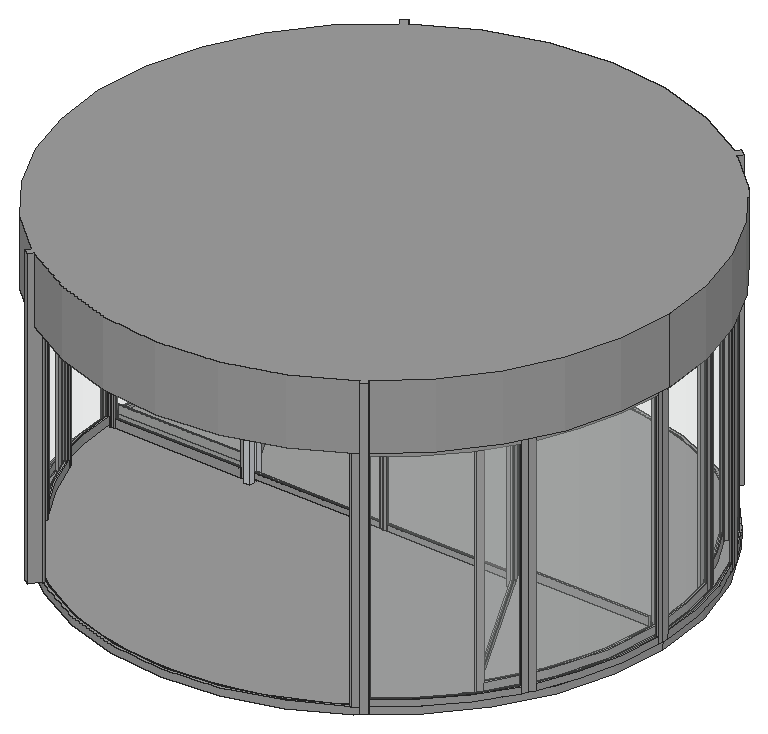
Revit family "Agta_Record_RlvngDrsetSym_K21", category Doors, Revit 2012
Parameters (values of type "Default")
  WithinStandardSizes = and(InsideDiameter > 3399.90 mm, InsideDiameter < 6500.10 mm, PassageHeight > 1999.90 mm, PassageHeight < 3000.10 mm, and(HeightOfFloorFrame > 64.90 mm, HeightOfFloorFrame < 500.10 mm), CanopyHeight < 1000.10 mm, if(InsideDiameter < 4800.10 mm, CanopyHeight > 349.90 mm, CanopyHeight > 569.90 mm))  # yes
  Width = OutsideDiameter + 25.00 mm  # 4877.00 mm
  Weight = "Depends on configuration and size"
  WarrantyStartDate = "Depends on country"
  WarrantyGuarantorParts = "Local door manufacturer"
  WarrantyGuarantorLabour = "Local door manufacturer"
  WarrantyDurationUnit = "Depends on country"
  WarrantyDurationParts = "Depends on country"
  WarrantyDurationLabour = "Depends on country"
  WarrantyDescription = "Depends on country"
  Version = "Version 1.0"
  Uniclass2 = "Ss_25_30_20_70"
  URL = "www.agta-record.com"
  TotalHeight = PassageHeight + CanopyHeight  # 2570.00 mm
  TotalDiameter = InsideDiameter + 158.00 mm  # 4958.00 mm
  ThresholdStripping = "No additional required, part of the doorset"
  ThresholdRequired = yes
  ThermalTransmittance = 0
  TagNumber = "n/a"
  SustainabilityPerformance = "n/a"
  SpotLightRadius = OuterRadius - 505.00 mm  # 1921.00 mm
  SmokeStop = no
  Size = "n/a"
  ShowcaseVisibility = yes
  ShowcaseRadius = InnerRadius - 76.00 mm  # 2324.00 mm
  Shape = "Cylinder shaped"
  ServiceLifeType = "n/a"
  ServiceLifeDuration = "10-15 years"
  SerialNumber = "n/a"
  SelfClosing = yes
  SafetyDevices = "Fully compliant with EN16005, Safety buffers, Presence sensors, etc."
  Rough Width = TotalDiameter + 6.00 mm  # 4964.00 mm
  Rough Height = PassageHeight + CanopyHeight + 6.00 mm  # 2576.00 mm
  RevolvingRadius = InnerRadius - 56.00 mm  # 2344.00 mm
  Revision = "n/a"
  ReplacementCost = "Depends on the configuration and door type"
  ReferenceStandard = "EN16005, EN16361, DIN 18650, etc."
  Reference = "n/a"
  RecessWidth = InsideDiameter + 258.00 mm  # 5058.00 mm
  RecessHeight = TotalHeight + 50.00 mm  # 2620.00 mm
  ProductionYear = "n/a"
  ProductInformation = "www.agta-record.com"
  Process = "n/a"
  PassageWidthOptions = "n/a"
  PassageWidthInsideDoor = (InsideDiameter - 320.00 mm) / 2  # 2240.00 mm
  PassageWidth = (0.57 * InsideDiameter) - 44.00 mm  # 2692.00 mm
  PassageHeight = 2000.00 mm
  PanelFrames = Revolving Door, Aluminium
  OutsideDiameter = InsideDiameter + 52.00 mm  # 4852.00 mm
  OuterRadius = InnerRadius + 26.00 mm  # 2426.00 mm
  Operation = "n/a"
  OperatingTemperature = "-15° to +50°C"
  OpeningRotationAngle = 90.00°
  OpenSlidingDoor(Center) = no
  NominalWidth = TotalDiameter  # 4958.00 mm
  NominalLength = TotalDiameter  # 4958.00 mm
  NominalHeight = TotalHeight  # 2570.00 mm
  Name = "n/a"
  NBSTypeID = "n/a"
  NBSReference = "25-50-20/170"
  NBSOfficeMasterTag = "n/a"
  NBSNote = "n/a"
  NBSDescription = "2-wing Revolving Door"
  NBSCertification = "n/a"
  ModelReference = "Depends on the configuration"
  ModelNumber = "n/a"
  ModelLabel = "n/a"
  Model = "K21"
  MethodOfMeasurement = "n/a"
  Material = "Aluminium"
  ManufacturerURL = "www.agta-record.com"
  ManufacturerName = "Record"
  Manufacturer = "Record"
  LeafPanelFill = Revolving Door, Laminated Safety Glass (Clear)
  LeafColourOptions = "All RAL, customer specific"
  IssueDate = ""
  IsExternal = yes
  InstallationDate = "n/a"
  InsideDiameter = 2 * InnerRadius  # 4800.00 mm
  InnerRadius = 2400.00 mm
  Infiltration = "n/a"
  IfcExportType = "Door"
  IfcExportAs = "IfcDoorStyle"
  HeightUnderCanopyOptions = "Passage height: 2000 - 3000 mm"
  HeightOfFloorFrame = 65.00 mm
  Height = PassageHeight + CanopyHeight + 25.00 mm  # 2595.00 mm
  HasDrive = yes
  HandicapAccessible = no
  Grade = "n/a"
  GlassType = "Part of glazing spec"
  GlassThickness2 = 0.00 mm
  GlassThickness1 = 0.00 mm
  GlassLayers = 1
  Function = Exterior
  FrameSeal = yes
  FrameProfile = "Aluminium"
  FrameMaterial = "Aluminium"
  FrameFinishOptions = "n/a"
  Flooring = Revolving Door, Felt Carpet
  FloorFrame(Ring) = yes
  FireExit = no
  Finish = "Powder coated, Anodized, customer specific"
  Features = "n/a"
  ExternalDimensionOfFloorFrame = InsideDiameter + 256.00 mm  # 5056.00 mm
  ExpectedLife = "n/a"
  ElectronicLock = yes
  DurationUnit = "n/a"
  DrumWallPanelFill = Revolving Door, Laminated Safety Glass (Clear)
  DoorsetOptions = "Ridig, Sliding door, Display case"
  DoorsetOperation = "Automatic"
  DoorsetFasteners = "Screws"
  DoorWingOptions = "2 wings"
  DoorSeal = "1"
  DoorOpening = 0.00 mm
  DoorNumber = "n/a"
  Documentation = "n/a"
  DocumentReference = "n/a"
  DiameterOptions = "Internal: 3400 - 6500 mm"
  Description = "2-wing Revolving Door"
  DepthOfRecessFloorFrame = HeightOfFloorFrame + 15.00 mm  # 80.00 mm
  Cost = 0
  Construction Type = "Automatic Revolving Door"
  Constituents = "n/a"
  Configuration = "2, 3 or 4 leafs"
  Colour = "Customer specific"
  CodePerformance = "n/a"
  Category = "n/a"
  Capacity = "<>"
  CanopyRadius = InnerRadius + 79.00 mm  # 2479.00 mm
  CanopyHeightOptions = "350 mm +"
  CanopyHeight = 570.00 mm
  CanopyCovering = Revolving Door, Sheet metal (Painted Steel)
  BottomConstruction = Revolving Door, Stainless Steel
  BarCode = "n/a"
  BIMObjectName = "K21.rfa"
  Author = "agtatec"
  AssetType = "n/a"
  AssetIdentifier = "n/a"
  Assembly Code = "B2030300"
  AntiFingerTrapRequirement = yes
  AlternativeDoorsetGlazing = "Part of glazing spec"
  AccessoryOptions = "Contact manufacturer"
  AccessibilityPerformance = "n/a"
Reference planes
  plane 1 "Center (Front/Back)": y = 0
  plane 2: z = 0
  plane 3 "Center (Left/Right)": x = 0
  plane 4 "Top Plane": z = 2000
  plane 5: z = 2570
  plane 6: z = 56
  plane 7: z = 1947
  plane 8: z = -65
  plane 9: z = 2039
  plane 10: z = 1996.2
Forms (mm)
  Extrusion 1, solid, material "Revolving Door, Aluminium" <- "PanelFrames"
    sketch origin (0, 0, 0) x (-1, 0, 0) y (0, -1, 0)
      loop
        line (2400, 0) -> (2400, -53) -> (2405.2, -53) -> (2405.2, -38) -> (2415.2, -38) -> (2415.2, -53) -> (2425.826, -53) -> (2425.826, 0) -> (2400, 0)
    from 0 to 2000
  Extrusion 2, solid, material "Revolving Door, Aluminium" <- "PanelFrames"
    sketch origin (0, 0, 0) x (-1, 0, 0) y (0, -1, 0)
      loop
        line (2400, 0) -> (2426, 0) -> (2426, 53) -> (2415.2, 53) -> (2415.2, 38) -> (2405.2, 38) -> (2405.2, 53) -> (2400, 53) -> (2400, 0)
    from 0 to 2000
  Extrusion 3, solid, material "Revolving Door, Aluminium" <- "PanelFrames"
    sketch origin (0, 0, 0) x (-0.887011, 0.461749, 0) y (-0.461749, -0.887011, 0)
      loop
        line (2400, 0) -> (2400, -53) -> (2405.2, -53) -> (2405.2, -38) -> (2415.2, -38) -> (2415.2, -53) -> (2426, -53) -> (2426, 0) -> (2400, 0)
    from 0 to 2000
  Extrusion 4, solid, material "Revolving Door, Aluminium" <- "PanelFrames"
    sketch origin (0, 0, 0) x (-0.887011, 0.461749, 0) y (-0.461749, -0.887011, 0)
      loop
        line (2400, 0) -> (2426, 0) -> (2426, 53) -> (2415.2, 53) -> (2415.2, 38) -> (2405.2, 38) -> (2405.2, 53) -> (2400, 53) -> (2400, 0)
    from 0 to 2000
  Extrusion 5, solid, material "Revolving Door, Aluminium" <- "PanelFrames"
    sketch origin (0, 0, 0) x (-0.573576, 0.819152, 0) y (-0.819152, -0.573576, 0)
      loop
        line (2400, 0) -> (2426, 0) -> (2426, 53) -> (2415.2, 53) -> (2415.2, 38) -> (2405.2, 38) -> (2405.2, 53) -> (2400, 53) -> (2400, 0)
    from 0 to 2000
  Extrusion 6, solid, material "Revolving Door, Aluminium" <- "PanelFrames"
    sketch origin (0, 0, 0) x (-0.573576, -0.819152, 0) y (0.819152, -0.573576, 0)
      loop
        arc (2426, -1.2) -> (2413, 11.8) -> (2400, -1.2) r 13
        line (2400, -1.2) -> (2400, -53) -> (2405.2, -53) -> (2405.2, -38) -> (2415.2, -38) -> (2415.2, -53) -> (2426, -53) -> (2426, -1.2)
    from 0 to 2000
  Extrusion 7, solid, material "Revolving Door, Aluminium" <- "PanelFrames"
    sketch origin (0, 0, 0) x (-0.887011, -0.461749, 0) y (0.461749, -0.887011, 0)
      loop
        line (2400, 0) -> (2400, -53) -> (2405.2, -53) -> (2405.2, -38) -> (2415.2, -38) -> (2415.2, -53) -> (2426, -53) -> (2426, 0) -> (2400, 0)
    from 0 to 2000
  Extrusion 8, solid, material "Revolving Door, Aluminium" <- "PanelFrames"
    sketch origin (0, 0, 0) x (-0.887011, -0.461749, 0) y (0.461749, -0.887011, 0)
      loop
        line (2400, 0.01) -> (2426, 0.01) -> (2426, 53) -> (2415.2, 53) -> (2415.2, 38) -> (2405.2, 38) -> (2405.2, 53) -> (2400, 53) -> (2400, 0.01)
    from 0 to 2000
  Sweep 9, solid, material "Revolving Door, Laminated Safety Glass (Clear)" <- "DrumWallPanelFill"
    path origin (0, 0, 0) x (1, 0, 0) y (0, 0, 1)
      loop
        line (0, 41) -> (0, 1962)
    profile origin (0, 0, 1001.5) x (-1, 0, 0) y (0, -1, 0)
      loop
        arc (2405.2, -53) -> (2336.839, -571.821) -> (2157.911, -1063.586) r 2405.784
        line (2157.911, -1063.586) -> (2150.985, -1076.891) -> (2159.855, -1081.509) -> (2166.781, -1068.204)
        arc (2166.781, -1068.204) -> (2346.55, -574.197) -> (2415.2, -53) r 2415.781
        line (2415.2, -53) -> (2415.2, -38) -> (2405.2, -38) -> (2405.2, -53)
  Sweep 10, solid, material "Revolving Door, Laminated Safety Glass (Clear)" <- "DrumWallPanelFill"
    path origin (0, 0, 0) x (1, 0, 0) y (0, 0, 1)
      loop
        line (0, 41) -> (0, 1962)
    profile origin (0, 0, 1001.5) x (-1, 0, 0) y (0, -1, 0)
      loop
        arc (2108.966, -1157.609) -> (1808.764, -1586.244) -> (1422.981, -1939.825) r 2405.784
        line (1422.981, -1939.825) -> (1410.694, -1948.429) -> (1416.43, -1956.62) -> (1428.717, -1948.016)
        arc (1428.717, -1948.016) -> (1816.281, -1592.835) -> (2117.836, -1162.227) r 2415.781
        line (2117.836, -1162.227) -> (2124.762, -1148.922) -> (2115.892, -1144.304) -> (2108.966, -1157.609)
  Sweep 11, solid, material "Revolving Door, Laminated Safety Glass (Clear)" <- "DrumWallPanelFill"
    path origin (0, 0, 0) x (1, 0, 0) y (0, 0, 1)
      loop
        line (0, 41) -> (0, 1962)
    profile origin (0, 0, 1001.5) x (-1, 0, 0) y (0, -1, 0)
      loop
        line (2108.966, 1157.609) -> (2115.892, 1144.304) -> (2124.762, 1148.922) -> (2117.836, 1162.227)
        arc (2117.836, 1162.227) -> (1816.281, 1592.835) -> (1428.717, 1948.016) r 2415.781
        line (1428.717, 1948.016) -> (1416.43, 1956.62) -> (1410.694, 1948.429) -> (1422.981, 1939.825)
        arc (1422.981, 1939.825) -> (1808.764, 1586.244) -> (2108.966, 1157.609) r 2405.784
  Extrusion 12, solid, material "Revolving Door, Aluminium" <- "PanelFrames"
    sketch origin (0, 0, 0) x (1, 0, 0) y (0, 1, 0)
      loop
        line (2400, 0) -> (2426, 0) -> (2426, 53) -> (2415.2, 53) -> (2415.2, 37) -> (2405.2, 37) -> (2405.2, 53) -> (2400, 53) -> (2400, 0)
    from 0 to 2000
  Extrusion 13, solid, material "Revolving Door, Aluminium" <- "PanelFrames"
    sketch origin (0, 0, 0) x (1, 0, 0) y (0, 1, 0)
      loop
        line (2400, 0) -> (2400, -53) -> (2405.2, -53) -> (2405.2, -37) -> (2415.2, -37) -> (2415.2, -53) -> (2426, -53) -> (2426, 0) -> (2400, 0)
    from 0 to 2000
  Extrusion 14, solid, material "Revolving Door, Aluminium" <- "PanelFrames"
    sketch origin (0, 0, 0) x (0.887011, 0.461749, 0) y (-0.461749, 0.887011, 0)
      loop
        line (2400, 0) -> (2426, 0) -> (2426, 53) -> (2415.2, 53) -> (2415.2, 37) -> (2405.2, 37) -> (2405.2, 53) -> (2400, 53) -> (2400, 0)
    from 0 to 2000
  Extrusion 15, solid, material "Revolving Door, Aluminium" <- "PanelFrames"
    sketch origin (0, 0, 0) x (0.887011, 0.461749, 0) y (-0.461749, 0.887011, 0)
      loop
        line (2400, 0) -> (2400, -53) -> (2405.2, -53) -> (2405.2, -37) -> (2415.2, -37) -> (2415.2, -53) -> (2426, -53) -> (2426, 0) -> (2400, 0)
    from 0 to 2000
  Extrusion 16, solid, material "Revolving Door, Aluminium" <- "PanelFrames"
    sketch origin (0, 0, 0) x (0.573576, 0.819152, 0) y (-0.819152, 0.573576, 0)
      loop
        arc (2426, -1.2) -> (2413, 11.8) -> (2400, -1.2) r 13
        line (2400, -1.2) -> (2400, -53) -> (2405.2, -53) -> (2405.2, -37) -> (2415.2, -37) -> (2415.2, -53) -> (2426, -53) -> (2426, -1.2)
    from 0 to 2000
  Extrusion 17, solid, material "Revolving Door, Aluminium" <- "PanelFrames"
    sketch origin (0, 0, 0) x (0.887011, -0.461749, 0) y (0.461749, 0.887011, 0)
      loop
        line (2400, 0) -> (2426, 0) -> (2426, 53) -> (2415.2, 53) -> (2415.2, 37) -> (2405.2, 37) -> (2405.2, 53) -> (2400, 53) -> (2400, 0)
    from 0 to 2000
  Extrusion 18, solid, material "Revolving Door, Aluminium" <- "PanelFrames"
    sketch origin (0, 0, 0) x (0.887011, -0.461749, 0) y (0.461749, 0.887011, 0)
      loop
        line (2400, 0) -> (2400, -53) -> (2405.2, -53) -> (2405.2, -37) -> (2415.2, -37) -> (2415.2, -53) -> (2426, -53) -> (2426, 0) -> (2400, 0)
    from 0 to 2000
  Extrusion 19, solid, material "Revolving Door, Aluminium" <- "PanelFrames"
    sketch origin (0, 0, 0) x (0.573576, -0.819152, 0) y (0.819152, 0.573576, 0)
      loop
        line (2400, 0) -> (2426, 0) -> (2426, 53) -> (2415.2, 53) -> (2415.2, 37) -> (2405.2, 37) -> (2405.2, 53) -> (2400, 53) -> (2400, 0)
    from 0 to 2000
  Sweep 20, solid, material "Revolving Door, Laminated Safety Glass (Clear)" <- "DrumWallPanelFill"
    path origin (0, 0, 0) x (1, 0, 0) y (0, 0, 1)
      loop
        line (0, 41) -> (0, 1962)
    profile origin (0, 0, 1001.5) x (-1, 0, 0) y (0, -1, 0)
      loop
        line (-1415.61, -1957.194) -> (-1409.875, -1949.002) -> (-1422.981, -1939.825)
        arc (-1422.981, -1939.825) -> (-1808.764, -1586.244) -> (-2108.966, -1157.609) r 2405.784
        line (-2108.966, -1157.609) -> (-2116.354, -1143.417) -> (-2125.224, -1148.035) -> (-2117.97, -1161.968)
        arc (-2117.97, -1161.968) -> (-1816.276, -1592.831) -> (-1428.478, -1948.184) r 2415.775
        line (-1428.478, -1948.184) -> (-1415.61, -1957.194)
  Sweep 21, solid, material "Revolving Door, Laminated Safety Glass (Clear)" <- "DrumWallPanelFill"
    path origin (0, 0, 0) x (1, 0, 0) y (0, 0, 1)
      loop
        line (0, 41) -> (0, 1962)
    profile origin (0, 0, 1001.5) x (-1, 0, 0) y (0, -1, 0)
      loop
        line (-1422.981, 1939.825) -> (-1409.875, 1949.002) -> (-1415.61, 1957.194) -> (-1428.717, 1948.016)
        arc (-1428.717, 1948.016) -> (-1816.281, 1592.835) -> (-2117.836, 1162.227) r 2415.781
        line (-2117.836, 1162.227) -> (-2125.224, 1148.035) -> (-2116.354, 1143.417) -> (-2108.966, 1157.609)
        arc (-2108.966, 1157.609) -> (-1808.764, 1586.244) -> (-1422.981, 1939.825) r 2405.784
  Extrusion 22, solid, material "Revolving Door, Aluminium" <- "PanelFrames"
    sketch origin (0, 0, 0) x (0.573576, -0.819152, 0) y (0.819152, 0.573576, 0)
      loop
        line (2400, 0) -> (2400, -10.2) -> (2399, -10.2) -> (2399, -66.2)
        arc (2399, -66.2) -> (2413, -80.2) -> (2427, -66.2) r 14
        line (2427, -66.2) -> (2427, -10.2) -> (2426, -10.2) -> (2426, 0) -> (2400, 0)
    from 0 to 2000
  Extrusion 23, solid, material "Revolving Door, Aluminium" <- "PanelFrames"
    sketch origin (0, 0, 0) x (-0.573576, 0.819152, 0) y (-0.819152, -0.573576, 0)
      loop
        line (2426, 0) -> (2400, 0) -> (2400, -10.2) -> (2399, -10.2) -> (2399, -56)
        arc (2399, -56) -> (2413, -70) -> (2427, -56) r 14
        line (2427, -56) -> (2427, -10.2) -> (2426, -10.2) -> (2426, 0)
    from 0 to 2000
  Extrusion 24, solid, material "Revolving Door, Sheet metal (Painted Steel)" <- "CanopyCovering"
    sketch origin (0, 0, 0) x (0.573576, -0.819152, 0) y (0.819152, 0.573576, 0)
      loop
        line (2426, 53) -> (2426, -7) -> (2526, -7) -> (2526, 53) -> (2426, 53)
    from 0 to 2570
  Extrusion 25, solid, material "Revolving Door, Sheet metal (Painted Steel)" <- "CanopyCovering"
    sketch origin (0, 0, 0) x (-0.573576, -0.819152, 0) y (0.819152, -0.573576, 0)
      loop
        line (2426, -53) -> (2526, -53) -> (2526, 7) -> (2426, 7) -> (2426, -53)
    from 0 to 2570
  Extrusion 26, solid, material "Revolving Door, Sheet metal (Painted Steel)" <- "CanopyCovering"
    sketch origin (0, 0, 0) x (-0.573576, 0.819152, 0) y (-0.819152, -0.573576, 0)
      loop
        line (2426, 53) -> (2426, -7) -> (2526, -7) -> (2526, 53) -> (2426, 53)
    from 0 to 2570
  Extrusion 27, solid, material "Revolving Door, Sheet metal (Painted Steel)" <- "CanopyCovering"
    sketch origin (0, 0, 0) x (0.573576, 0.819152, 0) y (-0.819152, 0.573576, 0)
      loop
        line (2426, -53) -> (2526, -53) -> (2526, 7) -> (2426, 7) -> (2426, -53)
    from 0 to 2570
  Extrusion 28, solid, material "Revolving Door, Sheet metal (Painted Steel)" <- "CanopyCovering"
    sketch origin (0, 0, 0) x (1, 0, 0) y (0, 1, 0)
      loop
        circle (0, 0) r 2479
    from 2000 to 2570
  Sweep 29, solid, material "Revolving Door, Aluminium" <- "PanelFrames"
    path origin (0, 0, 0) x (0.573576, 0.819152, 0) y (-0.819152, 0.573576, 0)
      loop
        arc (-1347.749, 2017.188) -> (-879.275, 2261.051) -> (-369.128, 2397.753) r 2426
    profile origin (-2356.476, 576.626, 0) x (-0.971342, 0.237686, 0) y (0, 0, 1)
      loop
        line (0, 0) -> (0, 56) -> (-11, 56) -> (-11, 41) -> (-21, 41) -> (-21, 56) -> (-26, 56) -> (-26, 0) -> (0, 0)
  Sweep 30, solid, material "Revolving Door, Aluminium" <- "PanelFrames"
    path origin (0, 0, 2000) x (-1, 0, 0) y (0, -1, 0)
      loop
        arc (2425.421, -53) -> (2356.476, -576.626) -> (2175.847, -1072.923) r 2426
    profile origin (-2356.476, 576.626, 2000) x (-0.971342, 0.237686, 0) y (0, 0, 1)
      loop
        line (0, 0) -> (-26, 0) -> (-26, -53) -> (0, -53) -> (0, 0)
  Sweep 31, solid, material "Revolving Door, Aluminium" <- "PanelFrames"
    path origin (0, 0, 2000) x (-1, 0, 0) y (0, -1, 0)
      loop
        arc (2126.902, -1166.946) -> (1823.963, -1599.573) -> (1434.579, -1956.389) r 2426
    profile origin (-1823.963, 1599.573, 2000) x (-0.75184, 0.659346, 0) y (0, 0, 1)
      loop
        line (0, 0) -> (-26, 0) -> (-26, -53) -> (0, -53) -> (0, 0)
  Sweep 32, solid, material "Revolving Door, Aluminium" <- "PanelFrames"
    path origin (0, 0, 2000) x (-1, 0, 0) y (0, -1, 0)
      loop
        arc (2425.421, 53) -> (2356.476, 576.626) -> (2175.847, 1072.923) r 2426
    profile origin (-2356.476, -576.626, 2000) x (0.971342, 0.237686, 0) y (0, 0, 1)
      loop
        line (0, 0) -> (0, -53) -> (26, -53) -> (26, 0) -> (0, 0)
  Sweep 33, solid, material "Revolving Door, Aluminium" <- "PanelFrames"
    path origin (0, 0, 2000) x (-1, 0, 0) y (0, -1, 0)
      loop
        arc (1434.579, 1956.389) -> (1823.963, 1599.573) -> (2126.902, 1166.946) r 2426
    profile origin (-1823.963, -1599.573, 2000) x (-0.75184, -0.659346, 0) y (0, 0, 1)
      loop
        line (0, 0) -> (-26, 0) -> (-26, -53) -> (0, -53) -> (0, 0)
  Sweep 34, solid, material "Revolving Door, Aluminium" <- "PanelFrames"
    path origin (0, 0, 2000) x (-1, 0, 0) y (0, -1, 0)
      loop
        arc (-1434.579, 1956.389) -> (-1823.963, 1599.573) -> (-2126.902, 1166.946) r 2426
    profile origin (1823.963, -1599.573, 2000) x (-0.75184, 0.659346, 0) y (0, 0, 1)
      loop
        line (0, 0) -> (0, -53) -> (26, -53) -> (26, 0) -> (0, 0)
  Sweep 35, solid, material "Revolving Door, Aluminium" <- "PanelFrames"
    path origin (0, 0, 2000) x (-1, 0, 0) y (0, -1, 0)
      loop
        arc (-2175.847, 1072.923) -> (-2356.476, 576.626) -> (-2425.421, 53) r 2426
    profile origin (2356.476, -576.626, 2000) x (-0.971342, 0.237686, 0) y (0, 0, 1)
      loop
        line (0, 0) -> (0, -53) -> (26, -53) -> (26, 0) -> (0, 0)
  Sweep 36, solid, material "Revolving Door, Aluminium" <- "PanelFrames"
    path origin (0, 0, 2000) x (-1, 0, 0) y (0, -1, 0)
      loop
        arc (-2425.421, -53) -> (-2356.476, -576.626) -> (-2175.847, -1072.923) r 2426
    profile origin (2356.476, 576.626, 2000) x (-0.971342, -0.237686, 0) y (0, 0, 1)
      loop
        line (0, 0) -> (0, -53) -> (26, -53) -> (26, 0) -> (0, 0)
  Sweep 37, solid, material "Revolving Door, Aluminium" <- "PanelFrames"
    path origin (0, 0, 2000) x (-1, 0, 0) y (0, -1, 0)
      loop
        arc (-1434.579, -1956.389) -> (-1823.963, -1599.573) -> (-2126.902, -1166.946) r 2426
    profile origin (1823.963, 1599.573, 2000) x (0.75184, 0.659346, 0) y (0, 0, 1)
      loop
        line (0, 0) -> (-26, 0) -> (-26, -53) -> (0, -53) -> (0, 0)
  Sweep 38, solid, material "Revolving Door, Aluminium" <- "PanelFrames"
    path origin (0, 0, 0) x (1, 0, 0) y (0, 1, 0)
      loop
        arc (-2126.902, 1166.946) -> (-1823.963, 1599.573) -> (-1434.579, 1956.389) r 2426
    profile origin (-1823.963, 1599.573, 0) x (-0.75184, 0.659346, 0) y (0, 0, 1)
      loop
        line (0, 0) -> (0, 56) -> (-11, 56) -> (-11, 41) -> (-21, 41) -> (-21, 56) -> (-26, 56) -> (-26, 0) -> (0, 0)
  Sweep 39, solid, material "Revolving Door, Aluminium" <- "PanelFrames"
    path origin (0, 0, 0) x (1, 0, 0) y (0, 1, 0)
      loop
        arc (-2175.847, -1072.923) -> (-2356.476, -576.626) -> (-2425.421, -53) r 2426
    profile origin (-2356.476, -576.626, 0) x (-0.971342, -0.237686, 0) y (0, 0, 1)
      loop
        line (0, 0) -> (0, 56) -> (-11, 56) -> (-11, 41) -> (-21, 41) -> (-21, 56) -> (-26, 56) -> (-26, 0) -> (0, 0)
  Sweep 40, solid, material "Revolving Door, Aluminium" <- "PanelFrames"
    path origin (0, 0, 0) x (1, 0, 0) y (0, 1, 0)
      loop
        arc (-1434.579, -1956.389) -> (-1823.963, -1599.573) -> (-2126.902, -1166.946) r 2426
    profile origin (-1823.963, -1599.573, 0) x (-0.75184, -0.659346, 0) y (0, 0, 1)
      loop
        line (0, 0) -> (0, 56) -> (-11, 56) -> (-11, 41) -> (-21, 41) -> (-21, 56) -> (-26, 56) -> (-26, 0) -> (0, 0)
  Sweep 41, solid, material "Revolving Door, Aluminium" <- "PanelFrames"
    path origin (0, 0, 0) x (1, 0, 0) y (0, 1, 0)
      loop
        arc (1434.579, 1956.389) -> (1823.963, 1599.573) -> (2126.902, 1166.946) r 2426
    profile origin (1823.963, 1599.573, 0) x (0.75184, 0.659346, 0) y (0, 0, 1)
      loop
        line (0, 0) -> (0, 56) -> (-11, 56) -> (-11, 41) -> (-21, 41) -> (-21, 56) -> (-26, 56) -> (-26, 0) -> (0, 0)
  Sweep 42, solid, material "Revolving Door, Aluminium" <- "PanelFrames"
    path origin (0, 0, 0) x (1, 0, 0) y (0, 1, 0)
      loop
        arc (2175.847, 1072.923) -> (2356.476, 576.626) -> (2425.421, 53) r 2426
    profile origin (2356.476, 576.626, 0) x (0.971342, 0.237686, 0) y (0, 0, 1)
      loop
        line (0, 0) -> (0, 56) -> (-11, 56) -> (-11, 41) -> (-21, 41) -> (-21, 56) -> (-26, 56) -> (-26, 0) -> (0, 0)
  Sweep 43, solid, material "Revolving Door, Aluminium" <- "PanelFrames"
    path origin (0, 0, 0) x (1, 0, 0) y (0, 1, 0)
      loop
        arc (2425.421, -53) -> (2356.476, -576.626) -> (2175.847, -1072.923) r 2426
    profile origin (2356.476, -576.626, 0) x (0.971342, -0.237686, 0) y (0, 0, 1)
      loop
        line (0, 0) -> (0, 56) -> (-11, 56) -> (-11, 41) -> (-21, 41) -> (-21, 56) -> (-26, 56) -> (-26, 0) -> (0, 0)
  Sweep 44, solid, material "Revolving Door, Aluminium" <- "PanelFrames"
    path origin (0, 0, 0) x (1, 0, 0) y (0, 1, 0)
      loop
        arc (1434.579, -1956.389) -> (1823.963, -1599.573) -> (2126.902, -1166.946) r 2426
    profile origin (1823.963, -1599.573, 0) x (-0.75184, 0.659346, 0) y (0, 0, 1)
      loop
        line (0, 0) -> (26, 0) -> (26, 56) -> (21, 56) -> (21, 41) -> (11, 41) -> (11, 56) -> (0, 56) -> (0, 0)
  Revolve 45, solid, material "Revolving Door, Stainless Steel" <- "BottomConstruction", visible <- "FloorFrame(Ring)"
    sketch origin (0, 0, 0) x (1, 0, 0) y (0, 0, 1)
      loop
        line (-2400, 0) -> (-2426, 0) -> (-2426, -65) -> (0, -65) -> (0, -23) -> (-2400, -23) -> (-2400, 0)
      axis (0, 0) -> (0, -65)
    angle from 0 to 360
  Extrusion 46, solid, material "Revolving Door, Felt Carpet" <- "Flooring"
    sketch origin (0, 0, 0) x (1, 0, 0) y (0, 1, 0)
      loop
        circle (0, 0) r 2400
    from 0 to -23
  Sweep 47, solid, material "Revolving Door, Laminated Safety Glass (Clear)" <- "DrumWallPanelFill"
    path origin (0, 0, 0) x (1, 0, 0) y (0, 0, 1)
      loop
        line (0, 40) -> (0, 1962)
    profile origin (0, 0, 1001) x (-1, 0, 0) y (0, -1, 0)
      loop
        arc (2415.2, 52.777) -> (2346.545, 574.196) -> (2166.678, 1068.402) r 2415.777
        line (2166.678, 1068.402) -> (2159.855, 1081.509) -> (2150.985, 1076.891) -> (2157.707, 1063.978)
        arc (2157.707, 1063.978) -> (2336.83, 571.819) -> (2405.2, 52.558) r 2405.774
        line (2405.2, 52.558) -> (2405.2, 38) -> (2415.2, 38) -> (2415.2, 52.777)
  Sweep 48, solid, material "Revolving Door, Laminated Safety Glass (Clear)" <- "DrumWallPanelFill"
    path origin (0, 0, 0) x (1, 0, 0) y (0, 0, 1)
      loop
        line (0, 40) -> (0, 1962)
    profile origin (0, 0, 1001) x (-1, 0, 0) y (0, -1, 0)
      loop
        line (-2150.523, 1077.778) -> (-2159.393, 1082.396) -> (-2166.678, 1068.402)
        arc (-2166.678, 1068.402) -> (-2346.545, 574.196) -> (-2415.2, 52.777) r 2415.777
        line (-2415.2, 52.777) -> (-2415.2, 37) -> (-2405.2, 37) -> (-2405.2, 53)
        arc (-2405.2, 53) -> (-2336.839, 571.821) -> (-2157.911, 1063.586) r 2405.784
        line (-2157.911, 1063.586) -> (-2150.523, 1077.778)
  Sweep 49, solid, material "Revolving Door, Laminated Safety Glass (Clear)" <- "DrumWallPanelFill"
    path origin (0, 0, 0) x (0, 1, 0) y (0, 0, 1)
      loop
        line (0, 40) -> (0, 1962)
    profile origin (0, 0, 1001) x (0, -1, 0) y (1, 0, 0)
      loop
        arc (-1063.586, 2157.911) -> (-573.201, 2342.479) -> (-53, 2405.2) r 2188.607
        line (-53, 2405.2) -> (-37, 2405.2) -> (-37, 2415.2) -> (-53, 2415.2)
        arc (-53, 2415.2) -> (-575.578, 2352.192) -> (-1068.204, 2166.781) r 2198.607
        line (-1068.204, 2166.781) -> (-1082.396, 2159.393) -> (-1077.778, 2150.523) -> (-1063.586, 2157.911)
Cuts and joins
  joined: Extrusion 24, Extrusion 25, Extrusion 26, Extrusion 27, Extrusion 28
Lines and regions (mm)
  Masking region 1
    outline origin (-1715.452, -4572, 2000) x (-1, 0, 0) y (0, -1, 0)
      loop
        line (-369.255, -6592.202) -> (-331.738, -6565.932) -> (-332.324, -6565.096)
        arc (-332.324, -6565.096) -> (105.708, -6174.763) -> (437.224, -5690.688) r 2426
        arc (437.224, -5690.688) -> (640.848, -5149.341) -> (710.546, -4575.18) r 2426
        arc (710.546, -4575.18) -> (641.644, -3997.916) -> (437.383, -3453.62) r 2426
        arc (437.383, -3453.62) -> (109.614, -2973.686) -> (-322.895, -2585.48) r 2426
        arc (-322.895, -2585.48) -> (-341.049, -2588.577) -> (-337.891, -2606.72) r 13
        arc (-337.891, -2606.72) -> (89.501, -2990.183) -> (413.576, -3464.192) r 2400
        arc (413.576, -3464.192) -> (615.697, -4001.26) -> (684.547, -4570.956) r 2400
        arc (684.547, -4570.956) -> (615.742, -5142.555) -> (412.788, -5681.32) r 2400
        arc (412.788, -5681.32) -> (111.205, -6128.703) -> (-282.696, -6497.411) r 2400
        line (-282.696, -6497.411) -> (-385.315, -6569.266)
        arc (-385.315, -6569.266) -> (-388.753, -6588.764) -> (-369.255, -6592.202) r 14
  Masking region 2
    outline origin (0, 0, 0) x (1, 0, 0) y (0, 1, 0)
      loop
        arc (1392.081, 1986.843) -> (1374.24, 1983.187) -> (1377.561, 1965.28) r 13
        arc (1377.561, 1965.28) -> (2399.759, 34.044) -> (1432.756, -1925.411) r 2400
        line (1432.756, -1925.411) -> (1321.782, -2003.117)
        arc (1321.782, -2003.117) -> (1320.706, -2025.218) -> (1342.379, -2020.755) r 14
        arc (1342.379, -2020.755) -> (2425.805, -30.085) -> (1392.081, 1986.843) r 2425.991
  Masking region 3
    outline origin (0, 0, 0) x (1, 0, 0) y (0, 1, 0)
      loop
        line (-1385.762, 1991.278) -> (-1443.12, 2073.193) -> (-1492.269, 2038.779) -> (-1434.911, 1956.863) -> (-1385.762, 1991.278)
  Masking region 4
    outline origin (0, 0, 0) x (1, 0, 0) y (0, 1, 0)
      loop
        line (-1434.911, -1956.863) -> (-1492.269, -2038.779) -> (-1443.12, -2073.193) -> (-1385.762, -1991.278) -> (-1434.911, -1956.863)
  Masking region 5
    outline origin (0, 0, 0) x (1, 0, 0) y (0, 1, 0)
      loop
        line (1443.12, -2073.193) -> (1492.269, -2038.779) -> (1434.911, -1956.863) -> (1385.762, -1991.278) -> (1443.12, -2073.193)
  Masking region 6
    outline origin (0, 0, 0) x (1, 0, 0) y (0, 1, 0)
      loop
        line (1443.12, 2073.193) -> (1385.762, 1991.278) -> (1434.911, 1956.863) -> (1492.269, 2038.779) -> (1443.12, 2073.193)
  reference lines
    curve 1: circle (0, 0, 0) r 2400 normal (0, 0, 1)
    curve 2: line (0, 0, 0) -> (-2128.826, 1108.197, 0)
    curve 3: line (0, 0, 0) -> (-1376.583, 1965.965, 0)
    curve 4: line (0, 0, 0) -> (2128.826, 1108.197, 0)
    curve 5: line (0, 0, 0) -> (1376.583, 1965.965, 0)
    curve 6: line (0, 0, 0) -> (-2128.826, -1108.197, 0)
    curve 7: line (0, 0, 0) -> (2400, 0, 0)
    curve 8: line (0, 0, 0) -> (2128.826, -1108.197, 0)
    curve 9: line (0, 0, 0) -> (-2400, 0, 0)
    curve 10: line (0, 0, 0) -> (1376.583, -1965.965, 0)
    curve 11: line (0, 0, 0) -> (-1376.583, -1965.965, 0)
    curve 12: line (0, 0, 2000) -> (497.191, 1855.544, 2000)
    curve 13: circle (0, 0, 2000) r 1921 normal (0, 0, 1)
    curve 14: line (0, 0, 2000) -> (1358.352, 1358.352, 2000)
    curve 15: line (0, 0, 2000) -> (1855.544, 497.191, 2000)
    curve 16: line (0, 0, 2000) -> (1358.352, -1358.352, 2000)
    curve 17: line (0, 0, 2000) -> (1855.544, -497.191, 2000)
    curve 18: line (0, 0, 2000) -> (-1855.544, -497.191, 2000)
    curve 19: line (0, 0, 2000) -> (-1358.352, -1358.352, 2000)
    curve 20: line (0, 0, 2000) -> (-497.191, -1855.544, 2000)
    curve 21: line (0, 0, 2000) -> (497.191, -1855.544, 2000)
    curve 22: line (0, 0, 2000) -> (-1855.544, 497.191, 2000)
    curve 23: line (0, 0, 2000) -> (-1358.352, 1358.352, 2000)
    curve 24: line (0, 0, 2000) -> (-497.191, 1855.544, 2000)
  symbolic lines, detail levels medium+fine
    curve 25: line (-1391.496, 1987.263, 0) -> (-1376.583, 1965.965, 0)
    curve 26: line (-1419.543, 1935.884, 0) -> (-1434.579, 1956.389, 0)
    curve 27: line (-2104.61, 1154.716, 0) -> (-2127.41, 1167.225, 0)
    curve 28: line (-2151.888, 1120.202, 0) -> (-2128.826, 1108.197, 0)
    curve 29: line (-2153.042, 1061.678, 0) -> (-2176.367, 1073.179, 0)
    curve 30: line (-2400, 0, 0) -> (-2425.826, 0, 0)
    curve 31: line (-2153.042, -1061.678, 0) -> (-2176.367, -1073.179, 0)
    curve 32: line (-2128.822, -1108.205, 0) -> (-2151.884, -1120.211, 0)
    curve 33: line (2426, 0, 0) -> (2400, 0, 0)
    curve 34: line (1391.591, -1987.197, 0) -> (1376.678, -1965.899, 0)
    curve 35: line (1419.543, 1935.884, 0) -> (1434.922, 1956.856, 0)
    curve 36: line (2151.888, 1120.202, 0) -> (2128.826, 1108.197, 0)
    curve 37: line (2104.61, 1154.716, 0) -> (2127.41, 1167.225, 0)
    curve 38: line (2153.042, 1061.678, 0) -> (2176.367, 1073.179, 0)
    curve 39: line (2400, 52.445, 0) -> (2426, 53.013, 0)
    curve 40: line (2400, -52.445, 0) -> (2426, -53.013, 0)
    curve 41: line (2153.042, -1061.678, 0) -> (2176.367, -1073.179, 0)
    curve 42: line (2151.806, -1120.359, 0) -> (2128.744, -1108.354, 0)
    curve 43: line (2127.41, -1167.225, 0) -> (2104.61, -1154.716, 0)
    curve 44: line (1434.922, -1956.856, 0) -> (1419.543, -1935.884, 0)
    curve 45: line (-2104.61, -1154.716, 0) -> (-2127.41, -1167.225, 0)
    curve 62: line (-1419.095, -1935.272, 0) -> (-1434.465, -1956.233, 0)
    curve 63: line (-2400, 52.445, 0) -> (-2425.826, 53.009, 0)
    curve 64: line (-2400, -52.445, 0) -> (-2426, -53.013, 0)
  symbolic lines, detail levels fine
    curve 46: arc (-2117.836, 1162.227, 0) -> (-1816.281, 1592.835, 0) -> (-1428.717, 1948.016, 0) r 2415.781
    curve 47: arc (-1422.981, 1939.825, 0) -> (-1808.764, 1586.244, 0) -> (-2108.966, 1157.609, 0) r 2405.784
    curve 48: arc (-2415.2, 53, 0) -> (-2346.55, 574.197, 0) -> (-2166.781, 1068.204, 0) r 2415.781
    curve 49: arc (-2157.911, 1063.586, 0) -> (-2336.839, 571.821, 0) -> (-2405.2, 53, 0) r 2405.784
    curve 50: arc (-2166.678, -1068.402, 0) -> (-2346.545, -574.196, 0) -> (-2415.2, -52.777, 0) r 2415.777
    curve 51: arc (-2405.2, -52.558, 0) -> (-2336.83, -571.819, 0) -> (-2157.707, -1063.978, 0) r 2405.774
    curve 52: arc (1428.533, 1948.143, 0) -> (1816.276, 1592.831, 0) -> (2117.938, 1162.028, 0) r 2415.775
    curve 53: arc (2108.884, 1157.758, 0) -> (1808.767, 1586.24, 0) -> (1423.126, 1939.718, 0) r 2405.784
    curve 54: arc (2166.777, 1068.212, 0) -> (2352.191, 575.583, 0) -> (2415.2, 53, 0) r 2198.607
    curve 55: arc (2405.2, 53, 0) -> (2342.5, 573.115, 0) -> (2157.993, 1063.429, 0) r 2188.607
    curve 56: arc (2415.2, -52.777, 0) -> (2346.544, -574.201, 0) -> (2166.674, -1068.411, 0) r 2415.777
    curve 57: arc (2157.993, -1063.42, 0) -> (2336.861, -571.731, 0) -> (2405.2, -53, 0) r 2405.784
    curve 58: arc (2117.84, -1162.219, 0) -> (1816.28, -1592.836, 0) -> (1428.709, -1948.022, 0) r 2415.781
    curve 59: arc (1423.126, -1939.718, 0) -> (1808.767, -1586.24, 0) -> (2108.884, -1157.758, 0) r 2405.784
    curve 60: arc (-2109.178, -1157.222, 0) -> (-1808.764, -1586.244, 0) -> (-1422.625, -1940.086, 0) r 2405.784
    curve 61: arc (-1428.537, -1948.149, 0) -> (-1804.77, -1605.866, 0) -> (-2100.998, -1192.395, 0) r 2415.781
    curve 65: arc (-2100.998, -1192.395, 0) -> (-2109.471, -1177.341, 0) -> (-2117.836, -1162.227, 0) r 2415.781
Dimensions and locks
  "PassageHeight": plane 4 "Top Plane" to plane 2
  "CanopyHeight": plane 5 to plane 4 "Top Plane"
  locked: plane 4 "Top Plane" to plane 7 at 53
  locked: plane 6 to level at 56
  locked: Sweep 11 sketch curve to plane 7 at 15
  locked: plane 6 to Sweep 11 sketch curve at 15
  locked: Sweep 10 sketch curve to plane 7 at 15
  locked: plane 6 to Sweep 10 sketch curve at 15
  locked: Sweep 9 sketch curve to plane 7 at 15
  locked: plane 6 to Sweep 9 sketch curve at 15
  locked: Sweep 21 sketch curve to plane 7 at 15
  locked: plane 6 to Sweep 21 sketch curve at 15
  locked: Sweep 20 sketch curve to plane 7 at 15
  locked: plane 6 to Sweep 20 sketch curve at 15
  "OuterRadius": plane 3 "Center (Left/Right)" to Revolve 45 sketch curve
  "InnerRadius": Revolve 45 sketch curve to plane 3 "Center (Left/Right)"
  "HeightOfFloorFrame": level to plane 8
  plane 9 to plane 4 "Top Plane" to plane 10 = 39.00 mm locked, 3.80 mm locked
  locked: plane 6 to Sweep 47 sketch curve at 16
  locked: plane 6 to Sweep 48 sketch curve at 16
  locked: Sweep 48 sketch curve to plane 7 at 15
  locked: plane 6 to Sweep 49 sketch curve at 16
  "InnerRadius": radius of curve 1
  "CanopyRadius": radius of Extrusion 28 sketch curve
  "OuterRadius": radius of Sweep 29 sketch curve
  "OuterRadius": radius of Sweep 30 sketch curve
  "OuterRadius": radius of Sweep 31 sketch curve
  "OuterRadius": radius of Sweep 32 sketch curve
  "OuterRadius": radius of Sweep 33 sketch curve
  "OuterRadius": radius of Sweep 34 sketch curve
  "OuterRadius": radius of Sweep 35 sketch curve
  "OuterRadius": radius of Sweep 36 sketch curve
  "OuterRadius": radius of Sweep 37 sketch curve
  "OuterRadius": radius of Sweep 38 sketch curve
  "OuterRadius": radius of Sweep 39 sketch curve
  "OuterRadius": radius of Sweep 40 sketch curve
  "OuterRadius": radius of Sweep 41 sketch curve
  "OuterRadius": radius of Sweep 42 sketch curve
  "OuterRadius": radius of Sweep 43 sketch curve
  "OuterRadius": radius of Sweep 44 sketch curve
  "InnerRadius": radius of Extrusion 46 sketch curve
  "SpotLightRadius": radius of curve 13
  "InnerRadius": radius of Masking region 2 sketch curve
  angle curve 5 to curve 3 = 70.00°
  locked: curve 9 to curve 6 (angle 27.50°)
  locked: curve 2 to curve 9 (angle 27.50°)
  locked: curve 7 to curve 4 (angle 27.50°)
  locked: curve 8 to curve 7 (angle 27.50°)
  locked: curve 3 to curve 2 (angle 27.50°)
  locked: curve 4 to curve 5 (angle 27.50°)
  locked: curve 6 to curve 11 (angle 27.50°)
  locked: curve 10 to curve 8 (angle 27.50°)
  angle curve 11 to curve 10 = 70.00°
  angle curve 14 to curve 12 = 30.00°
  angle curve 15 to curve 14 = 30.00°
  angle curve 12 to curve 24 = 30.00°
  angle curve 24 to curve 23 = 30.00°
  angle curve 23 to curve 22 = 30.00°
  angle curve 16 to curve 17 = 30.00°
  angle curve 21 to curve 16 = 30.00°
  angle curve 20 to curve 21 = 30.00°
  angle curve 19 to curve 20 = 30.00°
  angle curve 18 to curve 19 = 30.00°
  angle curve 22 to curve 9 = 15.00°
  angle curve 9 to curve 18 = 15.00°
  angle curve 7 to curve 15 = 15.00°
  angle curve 17 to curve 7 = 15.00°
  "OpeningRotationAngle": angle plane 3 "Center (Left/Right)" to nested 13
  angle curve 61 to curve 61 = 24.1717°
  "OpeningRotationAngle": angle plane 3 "Center (Left/Right)" to nested 14
  aligned and locked: level to plane 2
  aligned and locked: Sweep 9 sketch curve to Extrusion 1  (x3)
  aligned and locked: Sweep 9 sketch curve to Extrusion 4  (x3)
  aligned and locked: Sweep 10 sketch curve to Extrusion 3  (x2)
  aligned and locked: Extrusion 3 to Sweep 10 sketch curve
  aligned and locked: Extrusion 5 to Sweep 10 sketch curve
  aligned and locked: Sweep 10 sketch curve to Extrusion 5  (x2)
  aligned and locked: Sweep 11 sketch curve to Extrusion 6  (x2)
  aligned and locked: Extrusion 6 to Sweep 11 sketch curve
  aligned and locked: Extrusion 8 to Sweep 11 sketch curve
  aligned and locked: Sweep 11 sketch curve to Extrusion 8  (x2)
  aligned and locked: Sweep 21 sketch curve to Extrusion 19  (x2)
  aligned and locked: Extrusion 19 to Sweep 21 sketch curve
  aligned and locked: Extrusion 18 to Sweep 21 sketch curve
  aligned and locked: Sweep 21 sketch curve to Extrusion 18  (x2)
  aligned and locked: plane 4 "Top Plane" to Extrusion 6
  aligned and locked: plane 4 "Top Plane" to Extrusion 8
  aligned and locked: plane 4 "Top Plane" to Extrusion 7
  aligned and locked: plane 4 "Top Plane" to Extrusion 2
  aligned and locked: plane 4 "Top Plane" to Extrusion 1
  aligned and locked: plane 4 "Top Plane" to Extrusion 5
  aligned and locked: plane 4 "Top Plane" to Extrusion 4
  aligned and locked: plane 4 "Top Plane" to Extrusion 3
  aligned and locked: plane 4 "Top Plane" to Extrusion 19
  aligned and locked: plane 4 "Top Plane" to Extrusion 16
  aligned and locked: plane 4 "Top Plane" to Extrusion 18
  aligned and locked: plane 4 "Top Plane" to Extrusion 17
  aligned and locked: plane 4 "Top Plane" to Extrusion 15
  aligned and locked: plane 4 "Top Plane" to Extrusion 14
  aligned and locked: plane 4 "Top Plane" to Extrusion 13
  aligned and locked: plane 4 "Top Plane" to Extrusion 12
  aligned and locked: plane 4 "Top Plane" to Extrusion 22
  aligned and locked: plane 4 "Top Plane" to Extrusion 23
  aligned and locked: plane 5 to Extrusion 28
  aligned and locked: Extrusion 28 to plane 4 "Top Plane"
  aligned and locked: plane 5 to Extrusion 24
  aligned and locked: plane 5 to Extrusion 25
  aligned and locked: plane 5 to Extrusion 26
  aligned and locked: plane 5 to Extrusion 27
  aligned and locked: Extrusion 4 to Sweep 29 sketch curve
  aligned and locked: Extrusion 1 to Sweep 29 sketch curve
  aligned and locked: Extrusion 1 to Sweep 30 sketch curve
  aligned and locked: Extrusion 4 to Sweep 30 sketch curve
  aligned and locked: Extrusion 3 to Sweep 31 sketch curve
  aligned and locked: Extrusion 5 to Sweep 31 sketch curve
  aligned and locked: Extrusion 2 to Sweep 32 sketch curve
  aligned and locked: Extrusion 7 to Sweep 32 sketch curve
  aligned and locked: Extrusion 8 to Sweep 33 sketch curve
  aligned and locked: Extrusion 6 to Sweep 33 sketch curve
  aligned and locked: Extrusion 19 to Sweep 34 sketch curve
  aligned and locked: Extrusion 18 to Sweep 34 sketch curve
  aligned and locked: Extrusion 13 to Sweep 35 sketch curve
  aligned and locked: Extrusion 17 to Sweep 35 sketch curve
  aligned and locked: Extrusion 15 to Sweep 36 sketch curve
  aligned and locked: Extrusion 12 to Sweep 36 sketch curve
  aligned and locked: Extrusion 14 to Sweep 37 sketch curve
  aligned and locked: Extrusion 16 to Sweep 37 sketch curve
  aligned and locked: Extrusion 5 to Sweep 38 sketch curve
  aligned and locked: Extrusion 3 to Sweep 38 sketch curve
  aligned and locked: Extrusion 2 to Sweep 39 sketch curve
  aligned and locked: Extrusion 7 to Sweep 39 sketch curve
  aligned and locked: Extrusion 8 to Sweep 40 sketch curve
  aligned and locked: Extrusion 6 to Sweep 40 sketch curve
  aligned and locked: Extrusion 16 to Sweep 41 sketch curve
  aligned and locked: Extrusion 14 to Sweep 41 sketch curve
  aligned and locked: Extrusion 15 to Sweep 42 sketch curve
  aligned and locked: Extrusion 12 to Sweep 42 sketch curve
  aligned and locked: Extrusion 13 to Sweep 43 sketch curve
  aligned and locked: Extrusion 17 to Sweep 43 sketch curve
  aligned and locked: Extrusion 19 to Sweep 44 sketch curve
  aligned and locked: Extrusion 18 to Sweep 44 sketch curve
  aligned and locked: Revolve 45 sketch curve to plane 3 "Center (Left/Right)"
  aligned and locked: Revolve 45 to plane 8
  aligned and locked: Sweep 20 sketch curve to Extrusion 16  (x3)
  aligned and locked: Sweep 20 sketch curve to Extrusion 14  (x2)
  aligned and locked: Extrusion 14 to Sweep 20 sketch curve
  aligned and locked: Extrusion 2 to Sweep 47 sketch curve
  aligned and locked: Sweep 47 sketch curve to Extrusion 2  (x2)
  aligned and locked: Sweep 47 sketch curve to Extrusion 7  (x2)
  aligned and locked: Extrusion 7 to Sweep 47 sketch curve
  aligned and locked: Sweep 48 sketch curve to Extrusion 17  (x2)
  aligned and locked: Extrusion 17 to Sweep 48 sketch curve
  aligned and locked: Sweep 48 sketch curve to Extrusion 13  (x3)
  aligned and locked: Sweep 49 sketch curve to Extrusion 15  (x3)
  aligned and locked: Sweep 49 sketch curve to Extrusion 12  (x3)
  aligned and locked: nested 12 to curve 19
  aligned and locked: nested 1 to curve 20
  aligned and locked: nested 2 to curve 21
  aligned and locked: nested 3 to curve 16
  aligned and locked: nested 4 to curve 17
  aligned and locked: nested 5 to curve 15
  aligned and locked: nested 6 to curve 14
  aligned and locked: nested 7 to curve 12
  aligned and locked: nested 8 to curve 24
  aligned and locked: nested 9 to curve 23
  aligned and locked: nested 10 to curve 22
  aligned and locked: nested 11 to curve 18
  aligned and locked: plane 10 to nested 2
  aligned and locked: plane 10 to nested 1
  aligned and locked: plane 10 to nested 3
  aligned and locked: plane 10 to nested 12
  aligned and locked: plane 10 to nested 4
  aligned and locked: plane 10 to nested 11
  aligned and locked: plane 10 to nested 5
  aligned and locked: plane 10 to nested 10
  aligned and locked: plane 10 to nested 6
  aligned and locked: plane 10 to nested 9
  aligned and locked: plane 10 to nested 7
  aligned and locked: plane 10 to nested 8
  aligned and locked: Masking region 1 sketch curve to Extrusion 23  (x4)
  aligned and locked: Masking region 1 sketch curve to Sweep 38  (x2)
  aligned and locked: Masking region 1 sketch curve to Sweep 29  (x2)
  aligned and locked: Masking region 1 sketch curve to Sweep 39  (x2)
  aligned and locked: Masking region 1 sketch curve to Sweep 40  (x2)
  aligned and locked: Masking region 1 sketch curve to Extrusion 6
  aligned and locked: Masking region 2 sketch curve to Extrusion 16
  aligned and locked: Masking region 2 sketch curve to Extrusion 22  (x2)
  aligned and locked: curve 25 to Extrusion 23
  aligned and locked: Sweep 38 to curve 26
  aligned and locked: Extrusion 5 to curve 25
  aligned and locked: Extrusion 5 to curve 26
  aligned and locked: Sweep 38 to curve 27
  aligned and locked: curve 28 to Extrusion 3  (x2)
  aligned and locked: Sweep 29 to curve 29
  aligned and locked: Extrusion 3 to curve 27
  aligned and locked: Extrusion 4 to curve 29  (x2)
  aligned and locked: curve 27 to Extrusion 3
  aligned and locked: curve 28 to Extrusion 4
  aligned and locked: curve 30 to Extrusion 1
  aligned and locked: Extrusion 1 to curve 30
  aligned and locked: Sweep 39 to curve 31
  aligned and locked: Extrusion 8 to curve 32
  aligned and locked: Extrusion 7 to curve 31
  aligned and locked: curve 31 to Extrusion 7
  aligned and locked: curve 32 to Extrusion 7
  aligned and locked: Extrusion 7 to curve 32
  aligned and locked: Extrusion 12 to curve 33
  aligned and locked: Extrusion 13 to curve 33
  aligned and locked: Sweep 41 to curve 35
  aligned and locked: Extrusion 16 to curve 35
  aligned and locked: cut or joined group of Extrusion 24, Extrusion 25, Extrusion 26, Extrusion 27, Extrusion 28 to curve 35
  aligned and locked: Sweep 41 to curve 37
  aligned and locked: Sweep 42 to curve 38
  aligned and locked: Extrusion 15 to curve 38
  aligned and locked: curve 38 to Extrusion 15
  aligned and locked: Extrusion 14 to curve 37  (x2)
  aligned and locked: curve 36 to Extrusion 15  (x2)
  aligned and locked: Extrusion 15 to curve 36
  aligned and locked: Sweep 42 to curve 39
  aligned and locked: Extrusion 12 to curve 39  (x2)
  aligned and locked: Sweep 43 to curve 40
  aligned and locked: Extrusion 13 to curve 40
  aligned and locked: curve 40 to Extrusion 13
  aligned and locked: Sweep 43 to curve 41
  aligned and locked: Extrusion 17 to curve 41  (x2)
  aligned and locked: curve 43 to Sweep 44
  aligned and locked: Extrusion 18 to curve 43
  aligned and locked: curve 43 to Extrusion 18
  aligned and locked: Extrusion 18 to curve 42  (x2)
  aligned and locked: curve 44 to Sweep 44
  aligned and locked: Extrusion 19 to curve 44
  aligned and locked: curve 44 to cut or joined group of Extrusion 24, Extrusion 25, Extrusion 26, Extrusion 27, Extrusion 28
  aligned and locked: Extrusion 19 to curve 34
  aligned and locked: cut or joined group of Extrusion 24, Extrusion 25, Extrusion 26, Extrusion 27, Extrusion 28 to curve 34
  aligned and locked: Extrusion 8 to curve 45  (x2)
  aligned and locked: Masking region 3 sketch curve to cut or joined group of Extrusion 24, Extrusion 25, Extrusion 26, Extrusion 27, Extrusion 28  (x4)
  aligned and locked: Masking region 4 sketch curve to cut or joined group of Extrusion 24, Extrusion 25, Extrusion 26, Extrusion 27, Extrusion 28  (x4)
  aligned and locked: Masking region 5 sketch curve to cut or joined group of Extrusion 24, Extrusion 25, Extrusion 26, Extrusion 27, Extrusion 28  (x4)
  aligned and locked: Masking region 6 sketch curve to cut or joined group of Extrusion 24, Extrusion 25, Extrusion 26, Extrusion 27, Extrusion 28  (x4)
  aligned and locked: curve 46 to Sweep 10
  aligned and locked: curve 47 to Sweep 10
  aligned and locked: curve 48 to Sweep 9
  aligned and locked: curve 49 to Sweep 9
  aligned and locked: curve 50 to Sweep 47
  aligned and locked: curve 51 to Sweep 47
  aligned and locked: curve 52 to Sweep 20
  aligned and locked: curve 53 to Sweep 20
  aligned and locked: curve 54 to Sweep 49
  aligned and locked: curve 55 to Sweep 49
  aligned and locked: curve 56 to Sweep 48
  aligned and locked: curve 57 to Sweep 48
  aligned and locked: curve 58 to Sweep 21
  aligned and locked: curve 59 to Sweep 21
  aligned and locked: curve 60 to Sweep 11
  aligned and locked: curve 61 to Sweep 11
  aligned and locked: curve 62 to Sweep 40
  aligned and locked: Sweep 29 to curve 63
  aligned and locked: curve 63 to Extrusion 1
  aligned and locked: Extrusion 1 to curve 63
  aligned and locked: Sweep 39 to curve 64
  aligned and locked: Extrusion 2 to curve 64  (x2)
  aligned and locked: curve 45 to curve 60
  aligned and locked: curve 65 to curve 61
Automatic sketch dimensions
  plane 1 "Center (Front/Back)" to curve 9 = 0.00 mm
  curve 4 to plane 3 "Center (Left/Right)" = 0.00 mm
  plane 1 "Center (Front/Back)" to curve 1 = 0.00 mm
  curve 1 to plane 3 "Center (Left/Right)" = 0.00 mm
  Extrusion 1 sketch curve to curve 9 = 0.00 mm  (x2)
  Extrusion 1 sketch curve to curve 9 = 53.00 mm
  curve 9 to Extrusion 1 sketch curve = 5.20 mm
  Extrusion 1 sketch curve to Extrusion 1 sketch curve = 10.00 mm
  curve 9 to Extrusion 1 sketch curve = 25.826 mm
  Extrusion 1 sketch curve to Extrusion 1 sketch curve = 0.00 mm
  Extrusion 1 sketch curve to Extrusion 1 sketch curve = 15.00 mm
  Extrusion 2 sketch curve to curve 9 = 0.00 mm  (x2)
  curve 9 to Extrusion 2 sketch curve = 53.00 mm
  curve 9 to Extrusion 2 sketch curve = 5.20 mm
  Extrusion 2 sketch curve to Extrusion 2 sketch curve = 10.00 mm
  curve 9 to Extrusion 2 sketch curve = 26.00 mm
  curve 9 to Extrusion 2 sketch curve = 38.00 mm
  Extrusion 2 sketch curve to Extrusion 2 sketch curve = 0.00 mm
  Extrusion 3 sketch curve to curve 2 = 0.00 mm  (x2)
  Extrusion 3 sketch curve to curve 2 = 53.00 mm
  curve 2 to Extrusion 3 sketch curve = 5.20 mm
  Extrusion 3 sketch curve to Extrusion 3 sketch curve = 10.00 mm
  curve 2 to Extrusion 3 sketch curve = 26.00 mm
  Extrusion 3 sketch curve to Extrusion 3 sketch curve = 0.00 mm
  Extrusion 3 sketch curve to Extrusion 3 sketch curve = 15.00 mm
  Extrusion 4 sketch curve to curve 2 = 0.00 mm  (x2)
  curve 2 to Extrusion 4 sketch curve = 53.00 mm
  curve 2 to Extrusion 4 sketch curve = 5.20 mm
  Extrusion 4 sketch curve to Extrusion 4 sketch curve = 10.00 mm
  curve 2 to Extrusion 4 sketch curve = 26.00 mm
  curve 2 to Extrusion 4 sketch curve = 38.00 mm
  Extrusion 4 sketch curve to Extrusion 4 sketch curve = 0.00 mm
  Extrusion 5 sketch curve to curve 3 = 0.00 mm  (x2)
  curve 3 to Extrusion 5 sketch curve = 53.00 mm
  curve 3 to Extrusion 5 sketch curve = 5.20 mm
  Extrusion 5 sketch curve to Extrusion 5 sketch curve = 10.00 mm
  curve 3 to Extrusion 5 sketch curve = 26.00 mm
  curve 3 to Extrusion 5 sketch curve = 38.00 mm
  Extrusion 5 sketch curve to Extrusion 5 sketch curve = 0.00 mm
  Extrusion 6 sketch curve to curve 11 = 0.00 mm
  Extrusion 6 sketch curve to curve 11 = 53.00 mm
  Extrusion 6 sketch curve to curve 11 = 1.20 mm
  Extrusion 6 sketch curve to Extrusion 6 sketch curve = 5.20 mm
  Extrusion 6 sketch curve to Extrusion 6 sketch curve = 13.00 mm
  Extrusion 6 sketch curve to Extrusion 6 sketch curve = 10.00 mm
  Extrusion 6 sketch curve to Extrusion 6 sketch curve = 0.00 mm
  Extrusion 6 sketch curve to Extrusion 6 sketch curve = 15.00 mm
  Extrusion 7 sketch curve to curve 6 = 0.00 mm  (x2)
  Extrusion 7 sketch curve to curve 6 = 53.00 mm
  curve 6 to Extrusion 7 sketch curve = 5.20 mm
  Extrusion 7 sketch curve to Extrusion 7 sketch curve = 10.00 mm
  curve 6 to Extrusion 7 sketch curve = 26.00 mm
  Extrusion 7 sketch curve to Extrusion 7 sketch curve = 0.00 mm
  Extrusion 7 sketch curve to Extrusion 7 sketch curve = 15.00 mm
  Extrusion 8 sketch curve to curve 6 = 0.01 mm
  Extrusion 8 sketch curve to curve 6 = 0.00 mm
  curve 6 to Extrusion 8 sketch curve = 53.00 mm
  curve 6 to Extrusion 8 sketch curve = 5.20 mm
  Extrusion 8 sketch curve to Extrusion 8 sketch curve = 10.00 mm
  curve 6 to Extrusion 8 sketch curve = 26.00 mm
  curve 6 to Extrusion 8 sketch curve = 38.00 mm
  Extrusion 8 sketch curve to Extrusion 8 sketch curve = 0.00 mm
  Sweep 9 sketch curve to plane 3 "Center (Left/Right)" = 0.00 mm
  Sweep 9 sketch curve to Sweep 9 sketch curve = 0.00 mm  (x2)
  plane 1 "Center (Front/Back)" to Sweep 9 sketch curve = 0.00 mm
  Sweep 9 sketch curve to profile plane = 0.00 mm
  Sweep 9 sketch curve to Sweep 9 sketch curve = 6.926 mm
  Sweep 9 sketch curve to Sweep 9 sketch curve = 8.87 mm
  Sweep 10 sketch curve to plane 3 "Center (Left/Right)" = 0.00 mm
  Sweep 10 sketch curve to Sweep 10 sketch curve = 0.00 mm  (x2)
  plane 1 "Center (Front/Back)" to Sweep 10 sketch curve = 0.00 mm
  Sweep 10 sketch curve to profile plane = 0.00 mm
  Sweep 10 sketch curve to Sweep 10 sketch curve = 12.287 mm
  Sweep 10 sketch curve to Sweep 10 sketch curve = 5.736 mm
  Sweep 11 sketch curve to plane 3 "Center (Left/Right)" = 0.00 mm
  Sweep 11 sketch curve to Sweep 11 sketch curve = 0.00 mm  (x2)
  plane 1 "Center (Front/Back)" to Sweep 11 sketch curve = 0.00 mm
  Sweep 11 sketch curve to profile plane = 0.00 mm
  Sweep 11 sketch curve to Sweep 11 sketch curve = 12.287 mm
  Sweep 11 sketch curve to Sweep 11 sketch curve = 5.736 mm
  curve 7 to Extrusion 12 sketch curve = 0.00 mm
  Extrusion 12 sketch curve to curve 7 = 0.00 mm
  curve 7 to Extrusion 12 sketch curve = 53.00 mm
  curve 7 to Extrusion 12 sketch curve = 5.20 mm
  Extrusion 12 sketch curve to Extrusion 12 sketch curve = 10.00 mm
  Extrusion 12 sketch curve to Extrusion 12 sketch curve = 10.80 mm
  curve 7 to Extrusion 12 sketch curve = 37.00 mm
  Extrusion 12 sketch curve to Extrusion 12 sketch curve = 0.00 mm
  curve 7 to Extrusion 13 sketch curve = 0.00 mm
  Extrusion 13 sketch curve to curve 7 = 0.00 mm
  Extrusion 13 sketch curve to curve 7 = 53.00 mm
  curve 7 to Extrusion 13 sketch curve = 5.20 mm
  Extrusion 13 sketch curve to Extrusion 13 sketch curve = 10.00 mm
  curve 7 to Extrusion 13 sketch curve = 26.00 mm
  Extrusion 13 sketch curve to Extrusion 13 sketch curve = 0.00 mm
  Extrusion 13 sketch curve to curve 7 = 37.00 mm
  curve 4 to Extrusion 14 sketch curve = 0.00 mm
  Extrusion 14 sketch curve to curve 4 = 0.00 mm
  curve 4 to Extrusion 14 sketch curve = 53.00 mm
  curve 4 to Extrusion 14 sketch curve = 5.20 mm
  Extrusion 14 sketch curve to Extrusion 14 sketch curve = 10.00 mm
  Extrusion 14 sketch curve to Extrusion 14 sketch curve = 10.80 mm
  curve 4 to Extrusion 14 sketch curve = 37.00 mm
  Extrusion 14 sketch curve to Extrusion 14 sketch curve = 0.00 mm
  curve 4 to Extrusion 15 sketch curve = 0.00 mm
  Extrusion 15 sketch curve to curve 4 = 0.00 mm
  Extrusion 15 sketch curve to curve 4 = 53.00 mm
  curve 4 to Extrusion 15 sketch curve = 5.20 mm
  Extrusion 15 sketch curve to Extrusion 15 sketch curve = 10.00 mm
  curve 4 to Extrusion 15 sketch curve = 26.00 mm
  Extrusion 15 sketch curve to Extrusion 15 sketch curve = 0.00 mm
  Extrusion 15 sketch curve to curve 4 = 37.00 mm
  curve 5 to Extrusion 16 sketch curve = 0.00 mm
  Extrusion 16 sketch curve to curve 5 = 53.00 mm
  Extrusion 16 sketch curve to curve 5 = 1.20 mm
  curve 5 to Extrusion 16 sketch curve = 5.20 mm
  curve 5 to Extrusion 16 sketch curve = 13.00 mm
  Extrusion 16 sketch curve to Extrusion 16 sketch curve = 10.00 mm
  Extrusion 16 sketch curve to Extrusion 16 sketch curve = 0.00 mm
  Extrusion 16 sketch curve to curve 5 = 37.00 mm
  curve 8 to Extrusion 17 sketch curve = 0.00 mm
  Extrusion 17 sketch curve to curve 8 = 0.00 mm
  curve 8 to Extrusion 17 sketch curve = 53.00 mm
  curve 8 to Extrusion 17 sketch curve = 5.20 mm
  Extrusion 17 sketch curve to Extrusion 17 sketch curve = 10.00 mm
  Extrusion 17 sketch curve to Extrusion 17 sketch curve = 10.80 mm
  curve 8 to Extrusion 17 sketch curve = 37.00 mm
  Extrusion 17 sketch curve to Extrusion 17 sketch curve = 0.00 mm
  curve 8 to Extrusion 18 sketch curve = 0.00 mm
  Extrusion 18 sketch curve to curve 8 = 0.00 mm
  Extrusion 18 sketch curve to curve 8 = 53.00 mm
  curve 8 to Extrusion 18 sketch curve = 5.20 mm
  Extrusion 18 sketch curve to Extrusion 18 sketch curve = 10.00 mm
  curve 8 to Extrusion 18 sketch curve = 26.00 mm
  Extrusion 18 sketch curve to Extrusion 18 sketch curve = 0.00 mm
